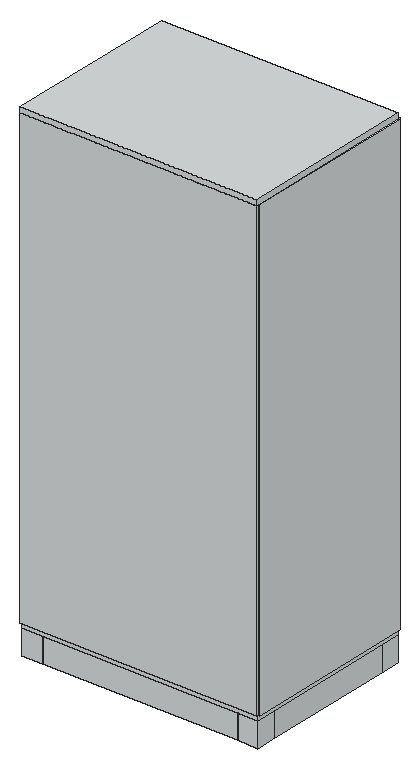
Revit family "Legrand Distribution enclosure XL³ 6300-4000", category Equipement électrique, Revit 2020
Family settings
  Configuration du panneau = Deux colonnes, circuits au sein
  Cote de connecteur circulaire = Utiliser le diamètre
  Type d'élément = Tableau de raccordement
  Numéro OmniClass = 23.80.30.11.17
  Titre OmniClass = Distribution Boards and Control Panels
  Basée sur le plan de construction = Non
  Toujours verticalement = Oui
  Couper avec des vides une fois chargée = Non
  Partagée = Non
  Point de calcul de pièce = Non
Parameters (values of type "020508-020500-020518-020554")
  URL = "https://www.legrand.fr/"
  built-in parameter 1140140 [instance] = 1 (stored number, unit not read)
  Material = "Steel"  # constant formula
  Finish = "powder coated"
  RAL = "7035"
  door = yes
  width (mm) = 975 mm
  Modèle = "XL³ 4000"
  IN max (A) = "4000"
  ICW (until) = "110"
  IP without door = "30"
  IP with door = "55"
  IK without door = "07"
  IK with door = "08"
  height (mm) = 2000 mm
  Form of separation up to (until) = "4b"
  General Conditions of Use = "https://export.legrand.com/en/terms-of-use-BIM-objects"
  Fabricant = "Legrand"  # constant formula
  depth (mm) = 725 mm
  Elévation par défaut = 0 mm
  built-in parameter 1140142 [instance] = -1
  built-in parameter 1155100 [instance] = -1
Types (16, lengths in mm): name | URL | door | width (mm) | IN max (A) | IP with door | IK with door | height (mm) | depth (mm)
  (no name) | "https://www.legrand.fr/" | no | 1425 | "6300" | "NA" | "NA" | 2200 | 975
  020504-020500-020514-020554 | "https://www.legrand.fr/" | yes | 725 | "4000" | "55" | "08" | 2000 | 475
  020504-020850-020514-020861 | "https://www.legrand.fr/" | yes | 725 | "4000" | "55" | "08" | 2200 | 475
  020505-020500-020515-020554 | "https://www.legrand.fr/" | yes | 725 | "4000" | "55" | "08" | 2000 | 725
  020505-020850-020515-020861 | "https://www.legrand.fr/" | yes | 725 | "4000" | "55" | "08" | 2200 | 725
  020506-020500-020516-020554 | "https://www.legrand.fr/" | yes | 725 | "4000" | "55" | "08" | 2000 | 975
  020506-020850-020516-020861 | "https://www.legrand.fr/" | yes | 725 | "4000" | "55" | "08" | 2200 | 975
  020507-020500-020517-020554 | "https://www.legrand.fr/" | yes | 975 | "4000" | "55" | "08" | 2000 | 475
  020507-020850-020517-020861 | "https://www.legrand.fr/\r\nhttps://www.legrand.fr/" | yes | 975 | "4000" | "55" | "08" | 2200 | 475
  020508-020500-020518-020554 | "https://www.legrand.fr/" | yes | 975 | "4000" | "55" | "08" | 2000 | 725
  020508-020850-020518-020861 | "https://www.legrand.fr/" | yes | 975 | "4000" | "55" | "08" | 2200 | 725
  020509-020500-020519-020554 | "https://www.legrand.fr/" | yes | 975 | "4000" | "55" | "08" | 2000 | 975
  020509-020850-020519-020861 | "https://www.legrand.fr/" | yes | 975 | "4000" | "55" | "08" | 2200 | 975
  021133-021136-021130 | "https://www.legrand.fr/" | no | 1425 | "6300" | "NA" | "NA" | 2200 | 475
  021134-021136-021131 | "https://www.legrand.fr/" | no | 1425 | "6300" | "NA" | "NA" | 2200 | 725
  021135-021136-021132 | "https://www.legrand.fr/" | no | 1425 | "6300" | "NA" | "NA" | 2200 | 975
Reference planes
  plane 1 "Centre (avant/arrière)": y = 0
  plane 2: z = 0
  plane 3 "Centre (gauche/droite)": x = 0
  plane 4: x = -487.5
  plane 5: x = 487.5
  plane 6: y = 362.5
  plane 7: y = -362.5
  plane 8: x = -479.5
  plane 9: y = 354.5
  plane 10: x = 479.5
  plane 11: z = 2000
  plane 12: z = 1978
  plane 13: y = -354.5
  plane 14: x = -396.5
  plane 15: y = 271.5
  plane 16: x = 396.5
  plane 17: y = -271.5
  plane 18: z = 100
  plane 19: z = 122
  plane 20: y = 332.5
  plane 21: x = -457.5
  plane 22: y = -332.5
  plane 23: x = 457.5
  plane 24: y = -380.5
  plane 25: z = 1050
  plane 26: x = 467.5
  plane 27: z = 1050
  plane 28: z = 1050
Forms (mm)
  Extrusion 1, solid, material "IDS_ACIER"
    sketch origin (0, 0, 0) x (1, 0, 0) y (0, 1, 0)
      loop
        line (-479.5, 354.5) -> (-479.5, -362.5) -> (479.5, -362.5) -> (479.5, 354.5) -> (-479.5, 354.5)
    from 1978 to 2000
  Extrusion 2, solid, material "IDS_ACIER"
    sketch origin (0, 0, 0) x (1, 0, 0) y (0, 1, 0)
      loop
        line (-479.5, 354.5) -> (-479.5, 271.5) -> (-396.5, 271.5) -> (-396.5, 354.5) -> (-479.5, 354.5)
      loop
        line (479.5, 354.5) -> (396.5, 354.5) -> (396.5, 271.5) -> (479.5, 271.5) -> (479.5, 354.5)
      loop
        line (-479.5, -271.5) -> (-479.5, -354.5) -> (-396.5, -354.5) -> (-396.5, -271.5) -> (-479.5, -271.5)
      loop
        line (396.5, -271.5) -> (396.5, -354.5) -> (479.5, -354.5) -> (479.5, -271.5) -> (396.5, -271.5)
    from 0 to 100
  Extrusion 3, solid, material "IDS_ACIER"
    sketch origin (0, 0, 0) x (1, 0, 0) y (0, 1, 0)
      loop
        line (-479.5, 354.5) -> (-479.5, -354.5) -> (479.5, -354.5) -> (479.5, 354.5) -> (-479.5, 354.5)
    from 100 to 122
  Extrusion 4, solid, material "IDS_ACIER"
    sketch origin (0, 0, 0) x (1, 0, 0) y (0, 1, 0)
      loop
        line (-396.5, 354.5) -> (-396.5, 332.5) -> (396.5, 332.5) -> (396.5, 354.5) -> (-396.5, 354.5)
      loop
        line (479.5, 271.5) -> (457.5, 271.5) -> (457.5, -271.5) -> (479.5, -271.5) -> (479.5, 271.5)
      loop
        line (-479.5, 271.5) -> (-479.5, -271.5) -> (-457.5, -271.5) -> (-457.5, 271.5) -> (-479.5, 271.5)
      loop
        line (396.5, -354.5) -> (396.5, -332.5) -> (-396.5, -332.5) -> (-396.5, -354.5) -> (396.5, -354.5)
    from 0 to 100
  Extrusion 5, solid, material "IDS_ACIER"
    sketch origin (0, 0, 0) x (1, 0, 0) y (0, 1, 0)
      loop
        line (-479.5, 362.5) -> (-479.5, 354.5) -> (479.5, 354.5) -> (479.5, 362.5) -> (-479.5, 362.5)
    from 122 to 1978
  Extrusion 6, solid, material "IDS_ACIER"
    sketch origin (0, 0, 0) x (1, 0, 0) y (0, 1, 0)
      loop
        line (487.5, 354.5) -> (479.5, 354.5) -> (479.5, -354.5) -> (487.5, -354.5) -> (487.5, 354.5)
      loop
        line (-487.5, 354.5) -> (-487.5, -354.5) -> (-479.5, -354.5) -> (-479.5, 354.5) -> (-487.5, 354.5)
    from 122 to 1978
  Extrusion 7, solid, material "IDS_ACIER", visible <- "door"
    sketch origin (0, 0, 0) x (1, 0, 0) y (0, 1, 0)
      loop
        line (-479.5, -354.5) -> (-479.5, -362.5) -> (479.5, -362.5) -> (479.5, -354.5) -> (-479.5, -354.5)
    from 122 to 1978
Dimensions and locks
  equal spacing: plane 6, plane 1 "Centre (avant/arrière)", plane 7
  "depth (mm)": plane 6 to plane 7
  equal spacing: plane 4, plane 3 "Centre (gauche/droite)", plane 5
  "width (mm)": plane 4 to plane 5
  locked: plane 4 to plane 8 at 8
  locked: plane 6 to plane 9 at 8
  equal spacing: plane 8, plane 3 "Centre (gauche/droite)", plane 10
  "height (mm)": level to plane 11
  locked: plane 12 to plane 11 at 22
  equal spacing: plane 9, plane 1 "Centre (avant/arrière)", plane 13
  locked: plane 9 to plane 15 at 83
  locked: plane 8 to plane 14 at 83
  equal spacing: plane 14, plane 3 "Centre (gauche/droite)", plane 16
  equal spacing: plane 15, plane 1 "Centre (avant/arrière)", plane 17
  locked: plane 2 to plane 18 at 100
  locked: plane 18 to plane 19 at 22
  locked: plane 8 to plane 21 at 22
  locked: plane 22 to plane 13 at 22
  equal spacing: plane 21, plane 3 "Centre (gauche/droite)", plane 23
  equal spacing: plane 20, plane 1 "Centre (avant/arrière)", plane 22
  locked: plane 24 to plane 7 at 18
  equal spacing: plane 12, plane 25, plane 19
  plane 5 to plane 26 = 20 mm
  aligned and locked: level to plane 2
  aligned and locked: Extrusion 1 sketch curve to plane 9
  aligned and locked: Extrusion 1 sketch curve to plane 8
  aligned and locked: plane 7 to Extrusion 1 sketch curve
  aligned and locked: Extrusion 1 sketch curve to plane 10
  aligned and locked: plane 11 to Extrusion 1
  aligned and locked: Extrusion 1 to plane 12
  aligned and locked: Extrusion 2 sketch curve to plane 9
  aligned and locked: Extrusion 2 sketch curve to plane 8  (x2)
  aligned and locked: plane 15 to Extrusion 2 sketch curve
  aligned and locked: Extrusion 2 sketch curve to plane 14  (x2)
  aligned and locked: plane 10 to Extrusion 2 sketch curve
  aligned and locked: plane 9 to Extrusion 2 sketch curve
  aligned and locked: Extrusion 2 sketch curve to plane 16
  aligned and locked: Extrusion 2 sketch curve to plane 15
  aligned and locked: plane 13 to Extrusion 2 sketch curve
  aligned and locked: Extrusion 2 sketch curve to plane 17  (x2)
  aligned and locked: Extrusion 2 sketch curve to plane 13
  aligned and locked: Extrusion 2 sketch curve to plane 10
  aligned and locked: plane 16 to Extrusion 2 sketch curve
  aligned and locked: plane 18 to Extrusion 2
  aligned and locked: Extrusion 2 to plane 2
  aligned and locked: Extrusion 3 sketch curve to plane 9
  aligned and locked: Extrusion 3 sketch curve to plane 8
  aligned and locked: Extrusion 3 sketch curve to plane 13
  aligned and locked: Extrusion 3 sketch curve to plane 10
  aligned and locked: Extrusion 3 to plane 18
  aligned and locked: plane 19 to Extrusion 3
  aligned and locked: Extrusion 4 sketch curve to plane 9
  aligned and locked: plane 20 to Extrusion 4 sketch curve
  aligned and locked: plane 14 to Extrusion 4 sketch curve  (x2)
  aligned and locked: Extrusion 4 sketch curve to plane 16  (x2)
  aligned and locked: plane 10 to Extrusion 4 sketch curve
  aligned and locked: Extrusion 4 sketch curve to plane 23
  aligned and locked: plane 15 to Extrusion 4 sketch curve
  aligned and locked: Extrusion 4 sketch curve to plane 17
  aligned and locked: plane 13 to Extrusion 4 sketch curve
  aligned and locked: Extrusion 4 sketch curve to plane 22
  aligned and locked: Extrusion 4 sketch curve to plane 8
  aligned and locked: Extrusion 4 sketch curve to plane 21
  aligned and locked: Extrusion 4 sketch curve to plane 15
  aligned and locked: plane 17 to Extrusion 4 sketch curve
  aligned and locked: Extrusion 4 to plane 2
  aligned and locked: plane 18 to Extrusion 4
  aligned and locked: plane 9 to Extrusion 5 sketch curve
  aligned and locked: Extrusion 5 sketch curve to plane 6
  aligned and locked: Extrusion 5 sketch curve to plane 10
  aligned and locked: Extrusion 5 sketch curve to plane 8
  aligned and locked: Extrusion 5 to plane 19
  aligned and locked: plane 12 to Extrusion 5
  aligned and locked: plane 8 to Extrusion 6 sketch curve
  aligned and locked: plane 4 to Extrusion 6 sketch curve
  aligned and locked: Extrusion 6 sketch curve to plane 9
  aligned and locked: plane 13 to Extrusion 6 sketch curve  (x2)
  aligned and locked: Extrusion 6 sketch curve to plane 10
  aligned and locked: plane 5 to Extrusion 6 sketch curve
  aligned and locked: plane 9 to Extrusion 6 sketch curve
  aligned and locked: Extrusion 6 to plane 19
  aligned and locked: plane 12 to Extrusion 6
  aligned and locked: plane 25 to plane 27
  aligned and locked: plane 25 to plane 28
  aligned and locked: Extrusion 7 sketch curve to plane 13
  aligned and locked: plane 7 to Extrusion 7 sketch curve
  aligned and locked: Extrusion 7 sketch curve to plane 8
  aligned and locked: Extrusion 7 sketch curve to plane 10
  aligned and locked: Extrusion 7 to plane 19
  aligned and locked: plane 12 to Extrusion 7
Connectors
  electrical at (0, 354.5, 1050)
    settings: on Extrusion 5, index 1, voltage 0 V, apparent load 0 VA, apparent load phase1 0 VA, apparent load phase2 0 VA, apparent load phase3 0 VA, power factor 1, load classification "Autre", number of poles 1, system type 31, power factor state 1, is connector primary yes, connector utility no, sub classification motor no, connector description ""
